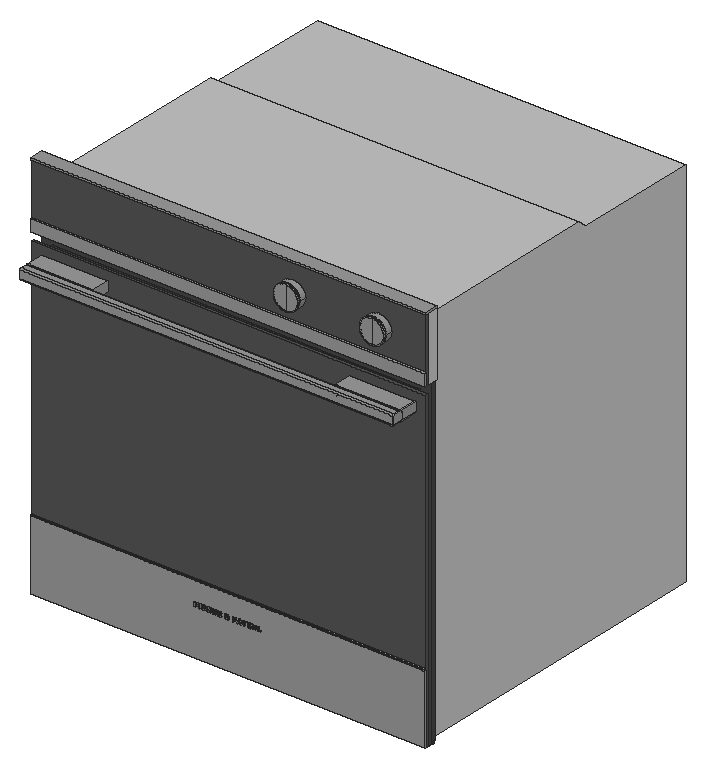
Revit family "FP-Revit20-en-OB60SD9PX1-OB60SD9X1-Oven-0-9000XXXXA-CN", category Specialty Equipment, Revit 2020
Family settings
  Round Connector Dimension = Use Diameter
  Part Type = Normal
  OmniClass Number = 23.40.40.14.17.11
  OmniClass Title = Cookers, Ovens, Stoves
  Work Plane-Based = No
  Always vertical = Yes
  Cut with Voids When Loaded = Yes
  Shared = No
  Room Calculation Point = No
Parameters (values of type "OB60SD9X1")
  Visibility - Clearance Required = yes
  URL = "www.fisherpaykel.com"
  Product - Width = 596 mm  # constant formula
  Product - Height = 598 mm  # constant formula
  Product - Depth = 565 mm  # constant formula
  Model = "OB60SD9X1\r\nOB60SD9X1\r\nOB60SD9X1\r\nOB60SD9X1"
  Material - Trim = Fisher & Paykel - Stainless Steel
  Material - Structure = Fisher & Paykel - Black
  Material - Handle = Fisher & Paykel - Stainless Steel
  Material - Glass = Fisher & Paykel - Glass, Black
  Material - Buttons and Dials = Fisher & Paykel - Stainless Steel
  Material - Body = Fisher & Paykel - Grey
  Manufacturer = "Fisher & Paykel Appliances"
  FFL Offset [instance] = 200 mm
  Description = "60cm Built-In Oven"
  Default Elevation = 0 mm
  Connector Note - Electrical = "220 -240 V, 50 Hz, 15 A"
  Chassis - Width = 556 mm  # constant formula
  Chassis - Height = 575 mm  # constant formula
  Chassis - Depth = 545 mm  # constant formula
  Cavity - Width = 600 mm  # constant formula
  Cavity - Height = 600 mm  # constant formula
  Cavity - Depth = 550 mm  # constant formula
Types (3, lengths in mm): name | Model
  (no name) | "OB60SD9X1\r\nOB60SD9X1\r\nOB60SD9X1\r\nOB60SD9X1"
  OB60SD9PX1 | "OB60SD9PX1"
  OB60SD9X1 | "OB60SD9X1\r\nOB60SD9X1\r\nOB60SD9X1\r\nOB60SD9X1"
Reference planes
  plane 1 "Datum": y = 0
  plane 2: z = 0
  plane 3 "Center (Left/Right)": x = 0
  plane 4 "Cavity": z = 780
  plane 5 "Product Height": z = 798
  plane 6 "Product LHS": x = -298
  plane 7 "Product RHS": x = 298
  plane 8 "Cavity LHS": x = -300
  plane 9 "Cavity RHS": x = 300
  plane 10 "Cavity - Depth": y = 550
  plane 11 "Product Depth": y = 545
  plane 12 "Front Face": y = -20
  plane 13 "FFL Offset": z = 200
  plane 14 "Cavity Height": z = 800
Forms (mm)
  Extrusion 1, solid, material "Fisher & Paykel - Grey" <- "Material - Body"
    sketch origin (0, 0, 0) x (0, 1, 0) y (0, 0, 1)
      loop
        line (0, 200) -> (525, 200) -> (525, 393.99) -> (545, 413.99) -> (545, 609.73) -> (495, 659.73) -> (495, 764.6) -> (307.721, 764.6) -> (293.958, 775) -> (0, 775) -> (0, 200)
    from -278 to 278
  Extrusion 2, void
    sketch origin (0, 0, 0) x (1, 0, 0) y (0, 1, 0)
      loop
        line (-278, 495) -> (-229.13, 495) -> (-179.13, 545) -> (-278, 545) -> (-278, 495)
      loop
        line (278, 495) -> (278, 545) -> (94.617, 545) -> (114.617, 525) -> (199.13, 525) -> (229.13, 495) -> (278, 495)
    from 200 to 764.6
  Extrusion 3, solid, material "Fisher & Paykel - Stainless Steel" <- "Material - Trim"
    sketch origin (0, 0, 0) x (0, 1, 0) y (0, 0, 1)
      loop
        line (0, 798) -> (-20.5, 798) -> (-20.5, 795.1) -> (0, 795.1) -> (0, 798)
    from -298 to 298
  Extrusion 4, solid, material "Fisher & Paykel - Grey" <- "Material - Body"
    sketch origin (0, 0, 0) x (0, 1, 0) y (0, 0, 1)
      loop
        line (-16, 795.1) -> (-16, 698) -> (0, 698) -> (0, 795.1) -> (-16, 795.1)
    from -298 to 298
  Extrusion 5, solid, material "Fisher & Paykel - Glass, Black" <- "Material - Glass"
    sketch origin (0, 0, 0) x (1, 0, 0) y (0, 0, 1)
      loop
        line (-298, 685.2) -> (-298, 208.6) -> (298, 208.6) -> (298, 685.2) -> (-298, 685.2)
      loop
        line (-298, 698) -> (298, 698) -> (298, 794.5) -> (-298, 794.5) -> (-298, 698)
    from 16 to 20
  Extrusion 6, solid, material "Fisher & Paykel - Black" <- "Material - Structure"
    sketch origin (0, 0, 0) x (0, 1, 0) y (0, 0, 1)
      loop
        line (-13.8, 683.7) -> (-16, 683.7) -> (-16, 224.7) -> (-5, 224.7) -> (-5, 680.497) -> (-13.8, 683.7)
    from -277 to 277
  Extrusion 7, solid, material "Fisher & Paykel - Black" <- "Material - Structure"
    sketch origin (0, 0, 0) x (1, 0, 0) y (0, 0, 1)
      loop
        line (-295, 698) -> (-295, 209.536)
        arc (-295, 209.536) -> (-292.207, 202.793) -> (-285.464, 200) r 9.536
        line (-285.464, 200) -> (285.5, 200)
        arc (285.5, 200) -> (292.218, 202.782) -> (295, 209.5) r 9.5
        line (295, 209.5) -> (295, 698) -> (-295, 698)
    from 0 to 5
  Sweep 8, solid, material "Fisher & Paykel - Black"
    path origin (-195.035, 0, 0) x (0, 1, 0) y (0, 0, 1)
      loop
        line (478.272, 708.8) -> (498.6, 708.8)
        arc (498.6, 708.8) -> (507.085, 705.285) -> (510.6, 696.8) r 12
        line (510.6, 696.8) -> (510.6, 678.8)
    profile origin (-195.035, 488.436, 708.8) x (0, 0, 1) y (1, 0, 0)
      loop
        line (0, 11) -> (-11, 11) -> (-11, -11) -> (0, -11)
        arc (0, -11) -> (11, 0) -> (0, 11) r 11
  Extrusion 9, solid, material "Fisher & Paykel - Clearance Required", visible <- "Visibility - Clearance Required", detail levels coarse
    sketch origin (0, 0, 0) x (0, 1, 0) y (0, 0, 1)
      loop
        line (-21.6, 227.528) -> (-21.6, 200) -> (0, 200) -> (0, 800) -> (-21.6, 800) -> (-21.6, 685.18)
        arc (-21.6, 685.18) -> (-333.147, 559.899) -> (-479.9, 257.872) r 466.605
        line (-479.9, 257.872) -> (-465.169, 256.897) -> (-467.944, 214.989) -> (-455.498, 214.164) -> (-452.723, 256.073) -> (-21.6, 227.528)
    from -300 to 300
  Extrusion 10, solid, material "Fisher & Paykel - Clearance Required", visible <- "Visibility - Clearance Required", detail levels coarse
    sketch origin (0, 0, 0) x (1, 0, 0) y (0, 1, 0)
      loop
        line (-280, 0) -> (280, 0) -> (280, 550) -> (-280, 550) -> (-280, 0)
    from 200 to 780
  Extrusion 11, void
    sketch origin (0, 0, 0) x (1, 0, 0) y (0, 1, 0)
      loop
        line (-300, -21.6) -> (300, -21.6) -> (300, 0) -> (-300, 0) -> (-300, -21.6)
    from 200 to 800
  Extrusion 12, solid, material "Fisher & Paykel - Stainless Steel" <- "Material - Trim", detail levels medium+fine
    sketch origin (0, -2000, 0) x (0, 1, 0) y (0, 0, 1)
      loop
        line (1980, 316.326) -> (1978.666, 314.661)
        arc (1978.666, 314.661) -> (1978.468, 314.306) -> (1978.4, 313.905) r 1.209
        line (1978.4, 313.905) -> (1978.4, 208.6) -> (1980, 208.6) -> (1980, 316.326)
    from -298 to 298
  Extrusion 13, solid, material "Fisher & Paykel - Stainless Steel" <- "Material - Trim", detail levels fine
    sketch origin (0, 0, 0) x (0, 1, 0) y (0, 0, 1)
      loop
        line (-21.7, 715.525) -> (-21.7, 698) -> (-20, 698) -> (-20, 717.528) -> (-21.7, 715.525)
    from -298 to 298
  Extrusion 14, void
    sketch origin (0, 0, 0) x (1, 0, 0) y (0, 1, 0)
      loop
        line (-280, 550) -> (-280, 0) -> (280, 0) -> (280, 550) -> (-280, 550)
    from 200 to 780
  Extrusion 15, solid, material "Fisher & Paykel - Stainless Steel" <- "Material - Buttons and Dials", detail levels medium+fine
    sketch origin (0, 0, 0) x (1, 0, 0) y (0, 0, 1)
      loop
        circle (226.982, 752.85) r 18.8
      loop
        circle (96.982, 752.85) r 18.797
    from 20 to 30.5
  Revolve 16, solid, material "Fisher & Paykel - Stainless Steel" <- "Material - Trim", detail levels medium+fine
    sketch origin (96.961, 0, 0) x (0, 1, 0) y (0, 0, 1)
      loop
        line (-33.5, 752.858) -> (-30.5, 752.858) -> (-30.5, 771.1)
        arc (-30.5, 771.1) -> (-30.66, 771.487) -> (-31.048, 771.647) r 0.548
        line (-31.048, 771.647) -> (-32.964, 771.647)
        arc (-32.964, 771.647) -> (-33.343, 771.49) -> (-33.5, 771.112) r 0.536
        line (-33.5, 771.112) -> (-33.5, 752.858)
      axis (-30.5, 752.858) -> (-33.5, 752.858)
    angle from 0 to 360
  Revolve 17, solid, material "Fisher & Paykel - Stainless Steel" <- "Material - Trim", detail levels medium+fine
    sketch origin (226.961, 0, 0) x (0, 1, 0) y (0, 0, 1)
      loop
        line (-33.5, 752.858) -> (-30.5, 752.858) -> (-30.5, 771.1)
        arc (-30.5, 771.1) -> (-30.66, 771.487) -> (-31.048, 771.647) r 0.548
        line (-31.048, 771.647) -> (-32.964, 771.647)
        arc (-32.964, 771.647) -> (-33.343, 771.49) -> (-33.5, 771.112) r 0.536
        line (-33.5, 771.112) -> (-33.5, 752.858)
      axis (-30.5, 752.858) -> (-33.5, 752.858)
    angle from 0 to 360
Cuts and joins
  Extrusion 2 cuts Extrusion 1
Lines and regions (mm)
  model lines, style "Fisher & Paykel"
    curve 1: line (217.5, -20, 334.2) -> (-217.5, -20, 334.2)
    curve 2: line (217.5, -20, 617.436) -> (217.5, -20, 334.2)
    curve 3: line (-217.5, -20, 617.436) -> (217.5, -20, 617.436)
    curve 4: line (-217.5, -20, 334.2) -> (-217.5, -20, 617.436)
Text (mm)
  text "Disclaimer:\nWe endeavor to maintain the accuracy of our 3D content.\nHowever, product details are subject to change without notice.\nPlease refer to the product Data Sheets for the most current product information." at (41.04, -568.295, 0), in view "Ref. Level (Plan)"
Dimensions and locks
  equal spacing: plane 6 "Product LHS", plane 3 "Center (Left/Right)", plane 7 "Product RHS"
  "Product - Width": plane 6 "Product LHS" to plane 7 "Product RHS"
  equal spacing: plane 8 "Cavity LHS", plane 3 "Center (Left/Right)", plane 9 "Cavity RHS"
  "Cavity - Width": plane 8 "Cavity LHS" to plane 9 "Cavity RHS"
  "Cavity - Depth": plane 10 "Cavity - Depth" to plane 1 "Datum"
  "Chassis - Depth": plane 11 "Product Depth" to plane 1 "Datum"
  plane 12 "Front Face" to plane 1 "Datum" = 20 mm
  "Product - Depth": plane 11 "Product Depth" to plane 12 "Front Face"
  "Chassis - Width": cut or joined group of Extrusion 1, Extrusion 2 to cut or joined group of Extrusion 1, Extrusion 2
  "FFL Offset": plane 13 "FFL Offset" to level
  "Product - Height": plane 5 "Product Height" to plane 13 "FFL Offset"
  "Cavity - Height": Extrusion 9 to plane 13 "FFL Offset"
  locked: plane 4 "Cavity" to plane 13 "FFL Offset" at 580
  locked: nested 2 to plane 13 "FFL Offset" at 78.956
  locked: Extrusion 5 to plane 13 "FFL Offset" at 8.6
  locked: Extrusion 6 to plane 13 "FFL Offset" at 24.7
  locked: Extrusion 12 to plane 13 "FFL Offset" at 8.6
  "Cavity - Height": plane 14 "Cavity Height" to plane 13 "FFL Offset"
  locked: cut or joined group of Extrusion 1, Extrusion 2 to plane 13 "FFL Offset" at 564.6
  locked: plane 5 "Product Height" to nested 1 at 125.8
  locked: curve 1 to plane 13 "FFL Offset" at 134.2
  locked: curve 3 to plane 13 "FFL Offset" at 417.436
  aligned and locked: level to plane 2
  aligned and locked: plane 8 "Cavity LHS" to Extrusion 9
  aligned and locked: Extrusion 9 to plane 9 "Cavity RHS"
  aligned and locked: Extrusion 1 sketch curve to plane 13 "FFL Offset"
  aligned and locked: Extrusion 1 to Extrusion 2
  aligned and locked: Extrusion 2 to Extrusion 1
  aligned and locked: plane 13 "FFL Offset" to Extrusion 9 sketch curve
  aligned and locked: plane 13 "FFL Offset" to Extrusion 7 sketch curve
  aligned and locked: Extrusion 14 to cut or joined group of Extrusion 1, Extrusion 2
  aligned and locked: plane 4 "Cavity" to Extrusion 14
  aligned and locked: plane 4 "Cavity" to Extrusion 10
  aligned and locked: Extrusion 10 to cut or joined group of Extrusion 1, Extrusion 2
  aligned and locked: Extrusion 11 to cut or joined group of Extrusion 1, Extrusion 2
  aligned and locked: Extrusion 11 to Extrusion 9
  aligned and locked: plane 14 "Cavity Height" to Extrusion 11
Automatic sketch dimensions
  Extrusion 1 sketch curve to plane 1 "Datum" = 0 mm
  Extrusion 1 sketch curve to plane 11 "Product Depth" = 0 mm
  Extrusion 1 sketch curve to plane 4 "Cavity" = 5 mm
  Extrusion 1 sketch curve to plane 11 "Product Depth" = 251.042 mm
  Extrusion 1 sketch curve to Extrusion 1 sketch curve = 13.762 mm
  Extrusion 1 sketch curve to plane 4 "Cavity" = 15.4 mm
  Extrusion 1 sketch curve to plane 11 "Product Depth" = 50 mm
  Extrusion 1 sketch curve to plane 11 "Product Depth" = 20 mm
  Extrusion 1 sketch curve to Extrusion 1 sketch curve = 193.99 mm
  Extrusion 1 sketch curve to Extrusion 1 sketch curve = 20 mm
  Extrusion 1 sketch curve to Extrusion 1 sketch curve = 154.87 mm
  Extrusion 1 sketch curve to Extrusion 1 sketch curve = 50 mm
  Extrusion 2 sketch curve to plane 11 "Product Depth" = 0 mm  (x2)
  Extrusion 2 sketch curve to plane 6 "Product LHS" = 20 mm
  Extrusion 2 sketch curve to Extrusion 2 sketch curve = 48.87 mm
  Extrusion 2 sketch curve to Extrusion 2 sketch curve = 50 mm  (x3)
  plane 3 "Center (Left/Right)" to Extrusion 2 sketch curve = 94.617 mm
  Extrusion 2 sketch curve to Extrusion 2 sketch curve = 20 mm
  Extrusion 2 sketch curve to plane 11 "Product Depth" = 20 mm
  Extrusion 2 sketch curve to Extrusion 2 sketch curve = 84.513 mm
  Extrusion 2 sketch curve to Extrusion 2 sketch curve = 30 mm
  plane 7 "Product RHS" to Extrusion 2 sketch curve = 20 mm
  Extrusion 3 sketch curve to plane 1 "Datum" = 0 mm
  Extrusion 3 sketch curve to plane 12 "Front Face" = 0.5 mm
  Extrusion 3 sketch curve to plane 5 "Product Height" = 2.9 mm
  plane 5 "Product Height" to Extrusion 3 sketch curve = 0 mm
  Extrusion 4 sketch curve to plane 1 "Datum" = 0 mm
  plane 12 "Front Face" to Extrusion 4 sketch curve = 4 mm
  Extrusion 4 sketch curve to plane 4 "Cavity" = 82 mm
  Extrusion 4 sketch curve to plane 5 "Product Height" = 2.9 mm
  plane 6 "Product LHS" to Extrusion 5 sketch curve = 0 mm  (x2)
  plane 7 "Product RHS" to Extrusion 5 sketch curve = 0 mm  (x2)
  plane 13 "FFL Offset" to Extrusion 5 sketch curve = 8.6 mm
  Extrusion 5 sketch curve to plane 4 "Cavity" = 94.8 mm
  Extrusion 5 sketch curve to Extrusion 5 sketch curve = 12.8 mm
  Extrusion 5 sketch curve to plane 5 "Product Height" = 3.5 mm
  plane 12 "Front Face" to Extrusion 6 sketch curve = 4 mm
  Extrusion 6 sketch curve to Extrusion 6 sketch curve = 2.2 mm
  plane 1 "Datum" to Extrusion 6 sketch curve = 5 mm
  plane 13 "FFL Offset" to Extrusion 6 sketch curve = 24.7 mm
  Extrusion 6 sketch curve to plane 4 "Cavity" = 99.503 mm
  Extrusion 6 sketch curve to Extrusion 6 sketch curve = 3.203 mm
  Extrusion 7 sketch curve to plane 6 "Product LHS" = 3 mm
  Extrusion 7 sketch curve to Extrusion 7 sketch curve = 9.536 mm
  plane 7 "Product RHS" to Extrusion 7 sketch curve = 12.5 mm
  plane 7 "Product RHS" to Extrusion 7 sketch curve = 3 mm
  Extrusion 7 sketch curve to plane 4 "Cavity" = 82 mm
  curve 1 to plane 6 "Product LHS" = 80.5 mm
  plane 7 "Product RHS" to curve 3 = 80.5 mm
  Sweep 8 sketch curve to plane 11 "Product Depth" = 46.4 mm
  Sweep 8 sketch curve to Sweep 8 sketch curve = 12 mm
  Sweep 8 sketch curve to plane 4 "Cavity" = 83.2 mm
  Sweep 8 sketch curve to Sweep 8 sketch curve = 20.328 mm
  Sweep 8 sketch curve to Sweep 8 sketch curve = 18 mm
  Sweep 8 sketch curve to profile plane = 0 mm  (x2)
  profile plane to Sweep 8 sketch curve = 11 mm
  Sweep 8 sketch curve to profile plane = 11 mm
  Extrusion 9 sketch curve to plane 14 "Cavity Height" = 0 mm
  Extrusion 9 sketch curve to plane 1 "Datum" = 0 mm
  plane 12 "Front Face" to Extrusion 9 sketch curve = 5.051 mm
  Extrusion 9 sketch curve to plane 12 "Front Face" = 1.6 mm  (x2)
  plane 13 "FFL Offset" to Extrusion 9 sketch curve = 56.073 mm
  Extrusion 9 sketch curve to Extrusion 9 sketch curve = 431.123 mm
  plane 13 "FFL Offset" to Extrusion 9 sketch curve = 14.164 mm
  Extrusion 9 sketch curve to Extrusion 9 sketch curve = 2.775 mm
  plane 13 "FFL Offset" to Extrusion 9 sketch curve = 56.897 mm
  Extrusion 9 sketch curve to Extrusion 9 sketch curve = 12.446 mm
  plane 13 "FFL Offset" to Extrusion 9 sketch curve = 57.872 mm
  Extrusion 9 sketch curve to Extrusion 9 sketch curve = 8.905 mm
  Extrusion 10 sketch curve to plane 10 "Cavity - Depth" = 0 mm
  plane 1 "Datum" to Extrusion 10 sketch curve = 0 mm
  Extrusion 10 sketch curve to plane 6 "Product LHS" = 18 mm
  plane 7 "Product RHS" to Extrusion 10 sketch curve = 18 mm
  plane 1 "Datum" to Extrusion 11 sketch curve = 0 mm
  Extrusion 11 sketch curve to plane 8 "Cavity LHS" = 0 mm
  Extrusion 11 sketch curve to plane 9 "Cavity RHS" = 0 mm
  Extrusion 11 sketch curve to plane 12 "Front Face" = 1.6 mm
  Extrusion 12 sketch curve to plane 12 "Front Face" = 0 mm
  Extrusion 12 sketch curve to plane 12 "Front Face" = 0.391 mm
  Extrusion 12 sketch curve to Extrusion 12 sketch curve = 0.943 mm
  Extrusion 12 sketch curve to Extrusion 12 sketch curve = 1.6 mm
  plane 13 "FFL Offset" to Extrusion 12 sketch curve = 8.6 mm
  Extrusion 12 sketch curve to Extrusion 12 sketch curve = 105.305 mm
  Extrusion 12 sketch curve to Extrusion 12 sketch curve = 1.664 mm
  Extrusion 13 sketch curve to plane 12 "Front Face" = 0 mm
  Extrusion 13 sketch curve to plane 12 "Front Face" = 1.7 mm
  Extrusion 13 sketch curve to plane 4 "Cavity" = 82 mm
  Extrusion 13 sketch curve to Extrusion 13 sketch curve = 17.525 mm
  Extrusion 13 sketch curve to Extrusion 13 sketch curve = 2.002 mm
  plane 1 "Datum" to Extrusion 14 sketch curve = 0 mm
  Extrusion 14 sketch curve to plane 10 "Cavity - Depth" = 0 mm
  Extrusion 14 sketch curve to plane 6 "Product LHS" = 18 mm
  plane 7 "Product RHS" to Extrusion 14 sketch curve = 18 mm
  Extrusion 15 sketch curve to plane 4 "Cavity" = 27.15 mm  (x2)
  plane 3 "Center (Left/Right)" to Extrusion 15 sketch curve = 96.982 mm
  plane 7 "Product RHS" to Extrusion 15 sketch curve = 71.018 mm
  Revolve 16 sketch curve to plane 4 "Cavity" = 8.888 mm
  Revolve 16 sketch curve to plane 12 "Front Face" = 13.5 mm
  Revolve 16 sketch curve to Revolve 16 sketch curve = 0.536 mm
  Revolve 16 sketch curve to Revolve 16 sketch curve = 1.917 mm
  Revolve 16 sketch curve to Revolve 16 sketch curve = 0.548 mm
  Revolve 16 sketch curve to Revolve 16 sketch curve = 18.254 mm
  Revolve 16 sketch curve to Revolve 16 sketch curve = 5.07 mm
  Revolve 16 sketch curve to Revolve 16 sketch curve = 2.465 mm
  Revolve 16 sketch curve to Revolve 16 sketch curve = 0 mm
  Revolve 17 sketch curve to plane 4 "Cavity" = 8.888 mm
  Revolve 17 sketch curve to plane 12 "Front Face" = 13.5 mm
  Revolve 17 sketch curve to Revolve 17 sketch curve = 0.536 mm
  Revolve 17 sketch curve to Revolve 17 sketch curve = 1.917 mm
  Revolve 17 sketch curve to Revolve 17 sketch curve = 0.548 mm
  Revolve 17 sketch curve to Revolve 17 sketch curve = 18.254 mm
  Revolve 17 sketch curve to Revolve 17 sketch curve = 5.07 mm
  Revolve 17 sketch curve to Revolve 17 sketch curve = 2.465 mm
  Revolve 17 sketch curve to Revolve 17 sketch curve = 0 mm
  radius of Extrusion 15 sketch curve = 18.8 mm
  radius of Extrusion 15 sketch curve = 18.797 mm
Nested families
  nested 1: "F&P Handle Contemporary Square OB60-24" at (0, -20, 664.222), type "Aluminium Dark"
  nested 2: "F&P Logo 100mm" at (0, -21.6, 278.956), type "Grey", detail levels fine
Connectors
  electrical at (-195.035, 505.1, 678.8), driven by "Connector Note - Electrical"
    settings: on Sweep 8, index 1, voltage 230 V, apparent load 0 VA, apparent load phase1 0 VA, apparent load phase2 0 VA, apparent load phase3 0 VA, power factor 1, load classification "Other", number of poles 1, system type 30, power factor state 1, is connector primary yes, connector utility no, sub classification motor no, connector description "220 -240 V, 50 Hz, 15 A"
Definition of nested family "F&P Handle Contemporary Square OB60-24"
  Parameters (values of type "Aluminium Dark")
    URL = "www.fisherpaykel.com"
    Material - Handle = none
    Manufacturer = "Fisher & Paykel Appliances"
    Handle - Length = 565 mm
    Default Elevation = 0 mm
  Types (2): name
    Aluminium
    Aluminium Dark
  Reference planes
    plane 1 "Center (Front/Back)": y = 0
    plane 2: z = 0
    plane 3 "Center (Left/Right)": x = 0
    plane 4 "Product LHS": x = -282.5
    plane 5 "Product RHS": x = 282.5
    plane 6 "LHS Standoff": x = -182.495
    plane 7 "RHS Standoff": x = 182.505
  Forms (mm)
    Extrusion 1, solid, material <- "Material - Handle", detail levels fine
      sketch origin (0, 0, 0) x (0, 1, 0) y (0, 0, 1)
        loop
          arc (-28.701, 7.561) -> (-29.057, 7.868) -> (-29.514, 7.978) r 1
          line (-29.514, 7.978) -> (-40.5, 7.978)
          arc (-40.5, 7.978) -> (-41.561, 7.539) -> (-42, 6.478) r 1.5
          line (-42, 6.478) -> (-42, -6.522)
          arc (-42, -6.522) -> (-41.561, -7.583) -> (-40.5, -8.022) r 1.5
          line (-40.5, -8.022) -> (-29.487, -8.022)
          arc (-29.487, -8.022) -> (-29.029, -7.911) -> (-28.673, -7.602) r 1
          arc (-28.673, -7.602) -> (-26.256, -0.016) -> (-28.701, 7.561) r 13.038
      from -282.5 to 282.5
    Extrusion 2, solid, material <- "Material - Handle", detail levels fine
      sketch origin (0, 0, 0) x (0, 1, 0) y (0, 0, 1)
        loop
          arc (-28.23, 7.062) -> (-26.156, 0.008) -> (-28.198, -7.056) r 13.136
          arc (-28.198, -7.056) -> (-28.21, -7.463) -> (-27.86, -7.67) r 0.4
          line (-27.86, -7.67) -> (0, -7.67) -> (0, 7.678) -> (-27.893, 7.678)
          arc (-27.893, 7.678) -> (-28.244, 7.47) -> (-28.23, 7.062) r 0.4
      from 182.505 to 282.5
    Extrusion 3, solid, material <- "Material - Handle", detail levels fine
      sketch origin (0, 0, 0) x (0, 1, 0) y (0, 0, -1)
        loop
          arc (-28.23, -7.062) -> (-28.244, -7.47) -> (-27.893, -7.678) r 0.4
          line (-27.893, -7.678) -> (0, -7.678) -> (0, 7.67) -> (-27.86, 7.67)
          arc (-27.86, 7.67) -> (-28.21, 7.463) -> (-28.198, 7.056) r 0.4
          arc (-28.198, 7.056) -> (-26.156, -0.008) -> (-28.23, -7.062) r 13.136
      from 182.495 to 282.5
    Sweep 4, void
      path in 3D
        loop
          line (282.5, -29.514, 7.978) -> (282.5, -40.5, 7.978)
          arc (282.5, -40.5, 7.978) -> (282.5, -41.561, 7.539) -> (282.5, -42, 6.478) r 1.5
          line (282.5, -42, 6.478) -> (282.5, -42, -6.522)
          arc (282.5, -42, -6.522) -> (282.5, -41.561, -7.583) -> (282.5, -40.5, -8.022) r 1.5
          line (282.5, -40.5, -8.022) -> (282.5, -29.487, -8.022)
      profile origin (282.5, -35.007, 7.978) x (1, 0, 0) y (0, 0, 1)
        loop
          line (0, 0) -> (-1.3, 0) -> (0, -1.3) -> (0, 0)
    Sweep 5, void
      path in 3D
        loop
          line (-282.5, -29.487, -8.022) -> (-282.5, -40.5, -8.022)
          arc (-282.5, -40.5, -8.022) -> (-282.5, -41.561, -7.583) -> (-282.5, -42, -6.522) r 1.5
          line (-282.5, -42, -6.522) -> (-282.5, -42, 6.478)
          arc (-282.5, -42, 6.478) -> (-282.5, -41.561, 7.539) -> (-282.5, -40.5, 7.978) r 1.5
          line (-282.5, -40.5, 7.978) -> (-282.5, -29.514, 7.978)
      profile origin (-282.5, -35.007, 7.978) x (-1, 0, 0) y (0, 0, 1)
        loop
          line (0, 0) -> (-1.3, 0) -> (0, -1.3) -> (0, 0)
    Extrusion 6, void
      sketch origin (0, 0, 0) x (1, 0, 0) y (0, 0, 1)
        loop
          line (282.5, 7.978) -> (281.2, 7.978) -> (282.5, 6.678) -> (282.5, 7.978)
        loop
          line (282.5, -8.022) -> (282.5, -6.722) -> (281.2, -8.022) -> (282.5, -8.022)
      from 0 to 40
    Extrusion 7, void
      sketch origin (0, 0, 0) x (1, 0, 0) y (0, 0, 1)
        loop
          line (-282.5, 7.978) -> (-282.5, 6.678) -> (-281.2, 7.978) -> (-282.5, 7.978)
        loop
          line (-282.5, -8.022) -> (-281.2, -8.022) -> (-282.5, -6.722) -> (-282.5, -8.022)
      from 0 to 40
    Extrusion 8, solid, material <- "Material - Handle", detail levels coarse+medium
      sketch origin (0, 0, 0) x (1, 0, 0) y (0, 1, 0)
        loop
          line (-282.5, -42) -> (282.5, -42) -> (282.5, 0) -> (182.505, 0) -> (182.505, -26.156) -> (-182.495, -26.156) -> (-182.495, 0) -> (-282.5, 0) -> (-282.5, -42)
      from -8.022 to 7.978
  Cuts and joins
    Sweep 4, Sweep 5, Extrusion 6, Extrusion 7 cuts Extrusion 1
    Extrusion 6 cuts Extrusion 2
    Extrusion 7 cuts Extrusion 3
  Lines and regions (mm)
    sketch lines
      curve 1: line (282.5, -29.514, 7.978) -> (282.5, -40.5, 7.978)
      curve 2: arc (282.5, -42, 6.478) -> (282.5, -41.561, 7.539) -> (282.5, -40.5, 7.978) r 1.5
      curve 3: line (282.5, -42, 6.478) -> (282.5, -42, -6.522)
      curve 4: arc (282.5, -40.5, -8.022) -> (282.5, -41.561, -7.583) -> (282.5, -42, -6.522) r 1.5
      curve 5: line (282.5, -40.5, -8.022) -> (282.5, -29.487, -8.022)
      curve 6: line (-282.5, -40.5, 7.978) -> (-282.5, -29.514, 7.978)
      curve 7: arc (-282.5, -40.5, 7.978) -> (-282.5, -41.561, 7.539) -> (-282.5, -42, 6.478) r 1.5
      curve 8: line (-282.5, -42, -6.522) -> (-282.5, -42, 6.478)
      curve 9: arc (-282.5, -42, -6.522) -> (-282.5, -41.561, -7.583) -> (-282.5, -40.5, -8.022) r 1.5
      curve 10: line (-282.5, -29.487, -8.022) -> (-282.5, -40.5, -8.022)
  Dimensions and locks
    equal spacing: plane 4 "Product LHS", plane 3 "Center (Left/Right)", plane 5 "Product RHS"
    "Handle - Length": plane 4 "Product LHS" to plane 5 "Product RHS"
    locked: plane 4 "Product LHS" to plane 6 "LHS Standoff" at 100.005
    locked: plane 7 "RHS Standoff" to plane 5 "Product RHS" at 99.995
    aligned and locked: level to plane 2
    aligned and locked: Extrusion 1 to plane 5 "Product RHS"
    aligned and locked: plane 4 "Product LHS" to Extrusion 1
    aligned and locked: Extrusion 2 to plane 5 "Product RHS"
    aligned and locked: plane 4 "Product LHS" to Extrusion 3
    aligned and locked: plane 4 "Product LHS" to Extrusion 8 sketch curve
    aligned and locked: Extrusion 8 sketch curve to plane 5 "Product RHS"
    aligned and locked: Extrusion 8 sketch curve to plane 7 "RHS Standoff"
    aligned and locked: plane 6 "LHS Standoff" to Extrusion 8 sketch curve
    aligned and locked: Extrusion 2 to plane 7 "RHS Standoff"
    aligned and locked: plane 6 "LHS Standoff" to Extrusion 3
  Automatic sketch dimensions
    Extrusion 1 sketch curve to level = 6.522 mm
    plane 1 "Center (Front/Back)" to Extrusion 1 sketch curve = 42 mm
    Extrusion 1 sketch curve to Extrusion 1 sketch curve = 1.5 mm  (x2)
    Extrusion 1 sketch curve to level = 0.04 mm
    Extrusion 1 sketch curve to Extrusion 1 sketch curve = 1.206 mm
    level to Extrusion 1 sketch curve = 6.978 mm
    Extrusion 1 sketch curve to Extrusion 1 sketch curve = 10.986 mm
    Extrusion 1 sketch curve to Extrusion 1 sketch curve = 11.013 mm
    Extrusion 1 sketch curve to Extrusion 1 sketch curve = 1 mm
    level to Extrusion 1 sketch curve = 6.478 mm
    Extrusion 1 sketch curve to Extrusion 1 sketch curve = 0 mm
    Extrusion 2 sketch curve to plane 1 "Center (Front/Back)" = 0 mm
    Extrusion 2 sketch curve to level = 7.67 mm
    Extrusion 2 sketch curve to Extrusion 2 sketch curve = 27.86 mm
    level to Extrusion 2 sketch curve = 7.678 mm
    Extrusion 2 sketch curve to Extrusion 2 sketch curve = 0.033 mm
    Extrusion 2 sketch curve to level = 0.022 mm
    Extrusion 2 sketch curve to Extrusion 2 sketch curve = 11.398 mm
    Extrusion 2 sketch curve to Extrusion 2 sketch curve = 0.4 mm  (x2)
    Extrusion 2 sketch curve to Extrusion 2 sketch curve = 0 mm
    Extrusion 3 sketch curve to plane 1 "Center (Front/Back)" = 0 mm
    Extrusion 3 sketch curve to level = 7.67 mm
    Extrusion 3 sketch curve to Extrusion 3 sketch curve = 27.86 mm
    level to Extrusion 3 sketch curve = 7.678 mm
    Extrusion 3 sketch curve to Extrusion 3 sketch curve = 0.033 mm
    Extrusion 3 sketch curve to level = 0.022 mm
    Extrusion 3 sketch curve to Extrusion 3 sketch curve = 11.398 mm
    Extrusion 3 sketch curve to Extrusion 3 sketch curve = 0.4 mm  (x2)
    Extrusion 3 sketch curve to Extrusion 3 sketch curve = 0 mm
    profile plane to Sweep 4 sketch curve = 0 mm
    Sweep 4 sketch curve to profile plane = 0 mm
    Sweep 4 sketch curve to profile plane = 1.3 mm
    profile plane to Sweep 4 sketch curve = 1.3 mm
    Sweep 5 sketch curve to profile plane = 0 mm  (x2)
    profile plane to Sweep 5 sketch curve = 1.3 mm
    Sweep 5 sketch curve to profile plane = 1.3 mm
    plane 5 "Product RHS" to Extrusion 6 sketch curve = 0 mm  (x2)
    Extrusion 6 sketch curve to Extrusion 6 sketch curve = 1.3 mm  (x4)
    Extrusion 6 sketch curve to level = 6.722 mm
    level to Extrusion 6 sketch curve = 6.678 mm
    plane 4 "Product LHS" to Extrusion 7 sketch curve = 0 mm  (x2)
    Extrusion 7 sketch curve to plane 4 "Product LHS" = 1.3 mm  (x2)
    Extrusion 7 sketch curve to level = 8.022 mm
    level to Extrusion 7 sketch curve = 6.678 mm
    Extrusion 7 sketch curve to Extrusion 7 sketch curve = 1.3 mm  (x2)
    plane 1 "Center (Front/Back)" to Extrusion 8 sketch curve = 0 mm  (x2)
    Extrusion 8 sketch curve to Extrusion 8 sketch curve = 26.156 mm
    Extrusion 8 sketch curve to Extrusion 8 sketch curve = 42 mm
Definition of nested family "F&P Logo 100mm"
  Parameters (values of type "Chrome")
    URL = "www.fisherpaykel.com"
    Material - Logo = none
    Manufacturer = "Fisher & Paykel Appliances"
    Default Elevation = 0 mm
  Types (3): name
    (no name)
    Chrome
    Grey
  Reference planes
    plane 1 "Center (Front/Back)": y = 0
    plane 2: z = 0
    plane 3 "Center (Left/Right)": x = 0
  Forms (mm)
    Extrusion 1, solid, material <- "Material - Logo", detail levels fine
      sketch origin (0, 0, 0) x (1, 0, 0) y (0, 0, 1)
        loop
          line (-50.044, 0) -> (-48.47, 0) -> (-48.47, 2.138) -> (-46.011, 2.138) -> (-46.011, 3.472) -> (-48.47, 3.472) -> (-48.47, 4.712) -> (-45.795, 4.712) -> (-45.795, 6.04) -> (-50.044, 6.04) -> (-50.044, 0)
        loop
          line (-42.804, 6.04) -> (-42.804, 0) -> (-41.23, 0) -> (-41.23, 6.04) -> (-42.804, 6.04)
        loop
          line (-30.724, 6.04) -> (-30.724, 0) -> (-29.151, 0) -> (-29.151, 2.42) -> (-26.839, 2.42) -> (-26.839, 0) -> (-25.265, 0) -> (-25.265, 6.04) -> (-26.839, 6.04) -> (-26.839, 3.748) -> (-29.151, 3.748) -> (-29.151, 6.04) -> (-30.724, 6.04)
        loop
          line (-21.906, 6.04) -> (-21.906, 0) -> (-17.602, 0) -> (-17.602, 1.328) -> (-20.347, 1.328) -> (-20.347, 2.42) -> (-17.838, 2.42) -> (-17.838, 3.748) -> (-20.347, 3.748) -> (-20.347, 4.712) -> (-17.602, 4.712) -> (-17.602, 6.04) -> (-21.906, 6.04)
        loop
          line (45.667, 6.04) -> (45.667, 0) -> (49.956, 0) -> (49.956, 1.328) -> (47.241, 1.328) -> (47.241, 6.04) -> (45.667, 6.04)
        loop
          line (42.431, 6.04) -> (38.112, 6.04) -> (38.112, 0) -> (42.431, 0) -> (42.431, 1.328) -> (39.687, 1.328) -> (39.687, 2.42) -> (42.195, 2.42) -> (42.195, 3.748) -> (39.687, 3.748) -> (39.687, 4.712) -> (42.431, 4.712) -> (42.431, 6.04)
        loop
          line (33.451, 3.148) -> (35.683, 6.04) -> (33.844, 6.04) -> (31.915, 3.542) -> (31.915, 6.04) -> (30.342, 6.04) -> (30.342, 0) -> (31.915, 0) -> (31.915, 2.705) -> (33.903, 0) -> (35.763, 0) -> (33.451, 3.148)
        loop
          line (21.98, 6.04) -> (24.262, 2.42) -> (24.262, 0) -> (25.837, 0) -> (25.837, 2.341) -> (28.119, 6.04) -> (26.446, 6.04) -> (25.099, 3.707) -> (23.753, 6.04) -> (21.98, 6.04)
        loop
          line (18.479, 6.04) -> (16.983, 6.04) -> (14.524, 0) -> (16.069, 0) -> (16.501, 1.112) -> (18.921, 1.112) -> (19.354, 0) -> (20.938, 0) -> (18.479, 6.04)
        loop
          line (18.4, 2.439) -> (17.693, 4.174) -> (17.018, 2.439) -> (18.4, 2.439)
        loop
          line (8.031, 6.04) -> (8.031, 0) -> (9.605, 0) -> (9.605, 1.938) -> (10.599, 1.938)
          arc (10.599, 1.938) -> (12.65, 3.989) -> (10.599, 6.04) r 2.051
          line (10.599, 6.04) -> (8.031, 6.04)
        loop
          line (9.605, 4.712) -> (9.605, 3.197) -> (10.501, 3.197)
          arc (10.501, 3.197) -> (11.259, 3.954) -> (10.501, 4.712) r 0.757
          line (10.501, 4.712) -> (9.605, 4.712)
        loop
          line (-11.783, 6.04) -> (-14.366, 6.04) -> (-14.366, 0) -> (-12.792, 0) -> (-12.792, 1.336) -> (-11.992, 1.336) -> (-10.972, 0) -> (-9.153, 0) -> (-10.694, 1.973)
          arc (-10.694, 1.973) -> (-9.678, 4.424) -> (-11.783, 6.04) r 2.179
        loop
          line (-11.897, 4.712) -> (-12.792, 4.712) -> (-12.792, 3.053) -> (-11.897, 3.053)
          arc (-11.897, 3.053) -> (-11.068, 3.882) -> (-11.897, 4.712) r 0.83
        loop
          line (0.477, 4.712) -> (0.477, 6.153) -> (-3.575, 6.153) -> (-3.575, 4.851) -> (-2.974, 4.112)
          arc (-2.974, 4.112) -> (-3.51, 0.684) -> (-0.045, 0.512) r 2.334
          line (-0.045, 0.512) -> (0.46, -0.109) -> (2.246, -0.109) -> (0.86, 1.594) -> (2.061, 3.324) -> (0.443, 3.324) -> (-0.013, 2.667) -> (-1.677, 4.712) -> (0.477, 4.712)
        loop
          arc (-2.125, 3.068) -> (-2.269, 1.668) -> (-0.868, 1.524) r 0.996
          line (-0.868, 1.524) -> (-2.125, 3.068)
        loop
          line (-35.18, 3.634) -> (-36.516, 3.91)
          arc (-36.516, 3.91) -> (-37.049, 4.443) -> (-36.516, 4.976) r 0.533
          arc (-36.516, 4.976) -> (-35.235, 4.79) -> (-34.059, 4.248) r 4.505
          line (-34.059, 4.248) -> (-34.059, 5.743)
          arc (-34.059, 5.743) -> (-35.549, 6.179) -> (-37.1, 6.109) r 4.726
          arc (-37.1, 6.109) -> (-38.536, 4.335) -> (-37.1, 2.561) r 1.814
          line (-37.1, 2.561) -> (-35.754, 2.282)
          arc (-35.754, 2.282) -> (-35.221, 1.749) -> (-35.754, 1.216) r 0.533
          arc (-35.754, 1.216) -> (-37.035, 1.402) -> (-38.211, 1.945) r 4.505
          line (-38.211, 1.945) -> (-38.211, 0.449)
          arc (-38.211, 0.449) -> (-36.72, 0.013) -> (-35.169, 0.083) r 4.726
          arc (-35.169, 0.083) -> (-33.734, 1.863) -> (-35.18, 3.634) r 1.814
      from 0 to 0.8
  Dimensions and locks
    aligned and locked: level to plane 2
